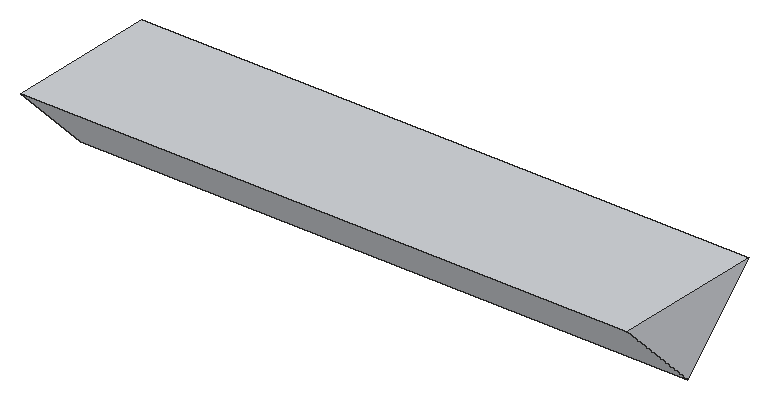
Revit family "M_Iluminação embutida - Dois lastros", category Luminárias, Revit 2019
Family settings
  Hospedeiro = Face
  Cota do conector redondo = Utilizar diâmetro
  Tipo de parte = Normal
  Número OmniClass = 23.80.70.11.11
  Título OmniClass = General Luminaries, Non Directional
  ID de item do Seek = Recessed Lighting Fixture - Two Ballast-0000-CAN-ENU
  Corte com vazios quando carregada = Não
  Fonte luminosa = Sim
  Compartilhado = Não
  Ponto de cálculo do ambiente = Não
Parameters (values of type "0300x1200 mm(2 Lâmpadas) - 120V")
  Wattage = 64 W
  built-in parameter 1150110 = 1 (stored number, unit not read)
  built-in parameter 1150109 = 1 (stored number, unit not read)
  built-in parameter 1150134 = 8
  built-in parameter 1150113 = 1 (stored number, unit not read)
  Tilt Angle = -90.00°
  built-in parameter 1150115 = 1 (stored number, unit not read)
  built-in parameter 1150105 = 453.58 (stored number, unit not read)
  Classificação de carga = Iluminação - Unidade de interrupção
  built-in parameter 1150137 = 1
  built-in parameter 1150139 = (empty or 0)
  built-in parameter 1150112 = 1 (stored number, unit not read)
  built-in parameter 1150114 = 1 (stored number, unit not read)
  built-in parameter 1150132 = (empty or 0)
  built-in parameter 1150102 = (empty or 0)
  built-in parameter 1150138 = (empty or 0)
  built-in parameter 1150107 = 4230 (stored number, unit not read)
  built-in parameter 1150106 = 4.5358 (stored number, unit not read)
  Emitir da largura do retângulo = Largura da caixa  # 300 mm
  Emit from Rectangle Length = Comprimento da caixa  # 1200 mm
  Emit Shape Visible in Rendering = no
  built-in parameter 1150104 = 8.2739 (stored number, unit not read)
  Dimming Lamp Color Temperature Shift = (empty or 0)
  Color Filter = 16777215
  Largura da caixa = 300 mm
  Lumens = 5699.84 lm
  built-in parameter 1114217 = 0.88 (stored number, unit not read)
  Comprimento da caixa = 1200 mm
  Arquivo de rede fotométrica = "1x42A12.ies"
  Altura da caixa = 150 mm
  Default Elevation = 1200 mm
  built-in parameter 1140040 [instance] = 1
  Voltagem do transformador = 120 V
  Transformador por número de postes = 1
  built-in parameter 1114218 = 0.88 (stored number, unit not read)
  built-in parameter 1150133 = 10 (stored number, unit not read)
  Assembly Code = ""
  Apparent Load = 64 VA
Types (8, lengths in mm): name | Wattage | built-in parameter 1150105 | built-in parameter 1150106 | Emitir da largura do retângulo | Emit from Rectangle Length | built-in parameter 1150104 | Largura da caixa | Lumens | Comprimento da caixa | Arquivo de rede fotométrica | Voltagem do transformador | Apparent Load
  0300x1200 mm(2 Lâmpadas) - 120V | 64 W | 453.58 (stored number, unit not read) | 4.5358 (stored number, unit not read) | 300 | 1200 | 8.2739 (stored number, unit not read) | 300 | 5699.84 lm | 1200 | "1x42A12.ies" | 120 V | 64 VA
  0300x1200 mm(2 Lâmpadas) - 277V | 64 W | 453.58 (stored number, unit not read) | 4.5358 (stored number, unit not read) | 300 | 1200 | 8.2739 (stored number, unit not read) | 300 | 5699.84 lm | 1200 | "1x42A12.ies" | 277 V | 64 VA
  500x1200 mm (2 lâmpadas) - 120V | 64 W | 453.58 (stored number, unit not read) | 4.5358 (stored number, unit not read) | 500 | 1200 | 8.2739 (stored number, unit not read) | 500 | 5699.84 lm | 1200 | "20x42A12.ies" | 120 V | 64 VA
  500x1200 mm (2 lâmpadas) - 277V | 64 W | 453.58 (stored number, unit not read) | 4.5358 (stored number, unit not read) | 500 | 1200 | 8.2739 (stored number, unit not read) | 500 | 5699.84 lm | 1200 | "20x42A12.ies" | 277 V | 64 VA
  0600x0600 mm(2 Lâmpadas) - 120V | 62 W | 413.8 (stored number, unit not read) | 4.138 (stored number, unit not read) | 600 | 600 | 7.7918 (stored number, unit not read) | 600 | 5199.94 lm | 600 | "2x22UA12.ies" | 120 V | 62 VA
  0600x0600 mm(2 Lâmpadas) - 277V | 62 W | 413.8 (stored number, unit not read) | 4.138 (stored number, unit not read) | 600 | 600 | 7.7918 (stored number, unit not read) | 600 | 5199.94 lm | 600 | "2x22UA12.ies" | 277 V | 62 VA
  600x1200 mm (3 lâmpadas) - 120V | 96 W | 680.37 (stored number, unit not read) | 6.8037 (stored number, unit not read) | 600 | 1200 | 8.2739 (stored number, unit not read) | 600 | 8549.76 lm | 1200 | "2x43A12.ies" | 120 V | 96 VA
  600x1200 mm (3 lâmpadas) - 277V | 96 W | 680.37 (stored number, unit not read) | 6.8037 (stored number, unit not read) | 600 | 1200 | 8.2739 (stored number, unit not read) | 600 | 8549.76 lm | 1200 | "2x43A12.ies" | 277 V | 96 VA
Reference planes
  plane 1 "Centro (Frente/Trás)": y = 0
  plane 2: z = 0
  plane 3 "Centro (Esquerda/Direita)": x = 0
  plane 4: x = 1200
  plane 5: y = -300
  plane 6: z = -150
  plane 7: x = 600
  plane 8: y = -150
Forms (mm)
  Extrusion 1, solid, detail levels medium
    sketch origin (0, 0, 0) x (1, 0, 0) y (0, 1, 0)
      loop
        line (-2133.6, 2108.2) -> (-2133.6, -2397.926) -> (2332.51, -2397.926) -> (2332.51, 2108.2) -> (-2133.6, 2108.2)
    from 0 to -304.8
  Extrusion 2, solid, detail levels fine
    sketch origin (0, -577.493, 0) x (1, 0, 0) y (0, 1, 0)
      loop
        line (0, 577.493) -> (0, 277.493) -> (1200, 277.493) -> (1200, 577.493) -> (0, 577.493)
    from 0 to -150
  Extrusion 3, void
    sketch origin (0, 0, 0) x (0, 1, 0) y (0, 0, 1)
      loop
        line (-300, 0) -> (-300, -150) -> (-150, -150) -> (-300, 0)
    from 1287.966 to -152.4
  Extrusion 4, void
    sketch origin (0, -304.8, 0) x (0, -1, 0) y (0, 0, -1)
      loop
        line (-304.8, 0) -> (-154.8, 150) -> (-304.8, 150) -> (-304.8, 0)
    from 1287.966 to -152.4
  Extrusion 5, solid, detail levels coarse+medium
    sketch origin (0, 0, 0) x (1, 0, 0) y (0, 1, 0)
      loop
        line (0, 0) -> (0, -300) -> (1200, -300) -> (1200, 0) -> (0, 0)
    from 0 to -152.4
  Extrusion 6, solid, detail levels coarse+medium
    sketch origin (0, 0, 0) x (1, 0, 0) y (0, 1, 0)
      loop
        line (0, 0) -> (0, -300) -> (600, -300) -> (600, 0) -> (0, 0)
    from 0 to -150
  Extrusion 7, solid, detail levels coarse+medium
    sketch origin (0, 0, 0) x (1, 0, 0) y (0, 1, 0)
      loop
        line (600, 0) -> (600, -300) -> (1200, -300) -> (1200, 0) -> (600, 0)
    from 0 to -150
Cuts and joins
  Extrusion 3, Extrusion 4 cuts Extrusion 2
  joined: Extrusion 6, Extrusion 7
Lines and regions (mm)
  symbolic lines
    curve 1: line (0, 0, 0) -> (1200, 0, 0)
    curve 2: line (1200, 0, 0) -> (1200, -300, 0)
    curve 3: line (1200, -300, 0) -> (0, -300, 0)
    curve 4: line (0, -300, 0) -> (0, 0, 0)
    curve 5: line (0, 0, 0) -> (1200, -300, 0)
Dimensions and locks
  "Comprimento da caixa": plane 3 "Centro (Esquerda/Direita)" to plane 4
  "Largura da caixa": plane 5 to plane 1 "Centro (Frente/Trás)"
  "Altura da caixa": Extrusion 1 to plane 6
  "Altura da caixa": Extrusion 3 sketch curve to Extrusion 3 sketch curve  (x2)
  "Altura da caixa": Extrusion 4 sketch curve to Extrusion 4 sketch curve  (x2)
  equal spacing: plane 3 "Centro (Esquerda/Direita)", plane 7, plane 4
  equal spacing: plane 5, plane 8, plane 1 "Centro (Frente/Trás)"
  aligned and locked: Extrusion 1 to plane 2
  aligned and locked: Extrusion 1 to level
  aligned and locked: plane 3 "Centro (Esquerda/Direita)" to Extrusion 2 sketch curve
  aligned and locked: plane 1 "Centro (Frente/Trás)" to Extrusion 2 sketch curve
  aligned and locked: plane 5 to Extrusion 2 sketch curve
  aligned and locked: Extrusion 2 sketch curve to plane 4
  aligned and locked: Extrusion 2 to plane 6
  aligned and locked: plane 5 to Extrusion 2
  aligned and locked: plane 6 to Extrusion 3 sketch curve
  aligned and locked: plane 5 to Extrusion 3 sketch curve
  aligned and locked: Extrusion 5 to plane 1 "Centro (Frente/Trás)"
  aligned and locked: Extrusion 5 to plane 3 "Centro (Esquerda/Direita)"  (x2)
  aligned and locked: plane 4 to Extrusion 5
  aligned and locked: Extrusion 5 to plane 5
  aligned and locked: plane 4 to cut or joined group of Extrusion 2, Extrusion 3, Extrusion 4
  aligned and locked: cut or joined group of Extrusion 2, Extrusion 3, Extrusion 4 to plane 3 "Centro (Esquerda/Direita)"
  aligned and locked: plane 3 "Centro (Esquerda/Direita)" to curve 4
  aligned and locked: plane 3 "Centro (Esquerda/Direita)" to curve 5
  aligned and locked: plane 4 to curve 5
  aligned and locked: curve 2 to plane 4
  aligned and locked: plane 5 to curve 3
  aligned and locked: plane 1 "Centro (Frente/Trás)" to curve 1
  aligned and locked: plane 1 "Centro (Frente/Trás)" to Extrusion 6 sketch curve
  aligned and locked: plane 5 to Extrusion 6 sketch curve
  aligned and locked: plane 3 "Centro (Esquerda/Direita)" to Extrusion 6 sketch curve
  aligned and locked: Extrusion 6 sketch curve to plane 7
  aligned and locked: Extrusion 6 to plane 2
  aligned and locked: Extrusion 6 to plane 6
  aligned and locked: plane 1 "Centro (Frente/Trás)" to Extrusion 7 sketch curve
  aligned and locked: plane 7 to Extrusion 7 sketch curve
  aligned and locked: plane 5 to Extrusion 7 sketch curve
  aligned and locked: Extrusion 7 sketch curve to plane 4
  aligned and locked: plane 2 to Extrusion 7
  aligned and locked: Extrusion 7 to plane 6
  aligned and locked: plane 2 to imposter light
  aligned and locked: plane 7 to imposter light
  aligned and locked: plane 8 to imposter light
Automatic sketch dimensions
  Extrusion 4 sketch curve to plane 1 "Centro (Frente/Trás)" = 0 mm
  Extrusion 4 sketch curve to plane 6 = 0 mm
  Extrusion 5 sketch curve to plane 3 "Centro (Esquerda/Direita)" = 0 mm
  Extrusion 5 sketch curve to plane 5 = 0 mm
  Extrusion 5 sketch curve to plane 1 "Centro (Frente/Trás)" = 0 mm
  Extrusion 5 sketch curve to plane 4 = 0 mm
  Extrusion 1 sketch curve to Extrusion 1 sketch curve = 4466.11 mm
  Extrusion 1 sketch curve to Extrusion 1 sketch curve = 4506.126 mm
Connectors
  electrical at (900, -150, -150), driven by "Apparent Load", driven by "Voltagem do transformador", driven by "Transformador por número de postes", driven by "Classificação de carga"
    settings: on Extrusion 7, index 1, voltage 120 V, apparent load 0 VA, apparent load phase1 64 VA, apparent load phase2 0 VA, apparent load phase3 0 VA, power factor 0.95, load classification "Iluminação - Unidade de interrupção", number of poles 1, system type 31, power factor state 1, is connector primary yes, connector utility no, sub classification motor no, connector description ""
  electrical at (300, -150, -150), driven by "Apparent Load", driven by "Voltagem do transformador", driven by "Transformador por número de postes", driven by "Classificação de carga"
    settings: on Extrusion 6, index 2, voltage 120 V, apparent load 0 VA, apparent load phase1 64 VA, apparent load phase2 0 VA, apparent load phase3 0 VA, power factor 0.95, load classification "Iluminação - Unidade de interrupção", number of poles 1, system type 31, power factor state 1, is connector primary no, connector utility no, sub classification motor no, connector description ""
